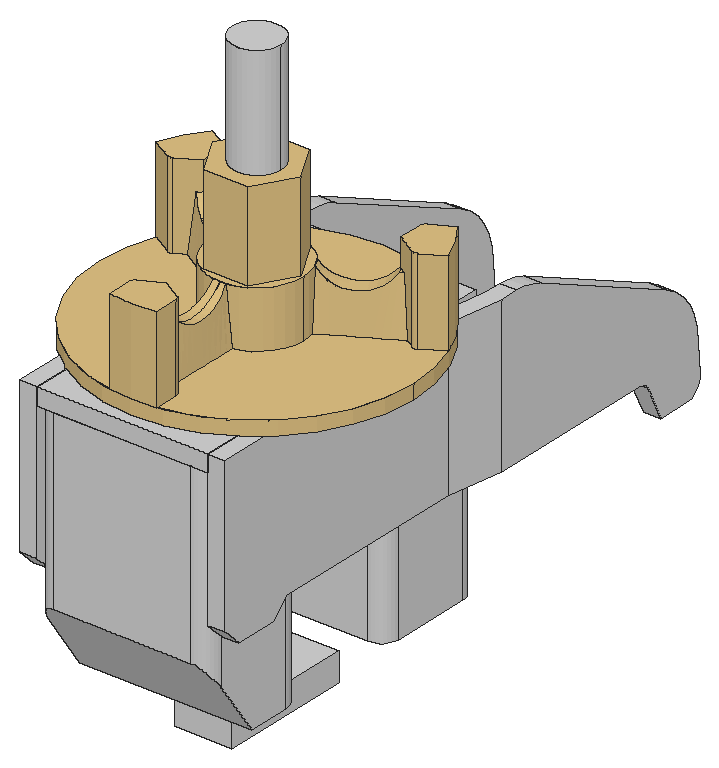
Revit family "MF_UNIVERSAL CORNER CLAMP_1904230", category Modelos genéricos, Revit 2018
Family settings
  Puede alojar armadura = No
  Cota de conector redondo = Diámetro de uso
  Tipo de pieza = Normal
  Número OmniClass = 35.51.14.00
  Título OmniClass = FORMWORK
  Se basa en plano de trabajo = Sí
  Siempre vertical = No
  Corte con vacíos al cargar = No
  Compartido = Sí
  Punto de cálculo de habitación = No
Parameters
  VERSION = "20170217"  # constant formula
  URL = "www.ulmaconstruction.com/en"
  UNICLASS = ""
  Fabricante = "ULMA CONSTRUCTION"  # constant formula
  ITEM_CODE = "1904230"
  FILTER [instance] = ""
  Default Elevation = 0.000 mm
  CLASSIFICATION_TITLE = ""
  CLASSIFICATION_NUMBER = ""
Reference planes
  plane 1 "Centro (Frontal/Posterior)": y = 0
  plane 2: z = 0
  plane 3 "Centro (Izquierda/Derecha)": x = 0
  plane 4: y = -120.55
  plane 5: z = -45
Forms (mm)
  Extrusion 1, solid, material "ULMA ZINC"
    sketch origin (0, 0, 0) x (-1, 0, 0) y (0, -1, 0)
      loop
        line (-38.953, 3.05) -> (-38.953, -86.11) -> (-32.953, -86.11) -> (-32.953, 2.603) -> (-29.953, 22.603) -> (-29.953, 120.55) -> (-35.953, 120.55) -> (-35.953, 23.05) -> (-38.953, 3.05)
    from -10.037 to 60
  Extrusion 2, void
    sketch origin (0, 0, 0) x (0, 1, 0) y (0, 0, 1)
      loop
        line (14.214, 57.564) -> (68.714, 31.564)
        arc (68.714, 31.564) -> (79.094, 22.34) -> (82.95, 9) r 25
        line (82.95, 9) -> (83.576, -1.648)
        arc (83.576, -1.648) -> (81.952, -6.116) -> (77.587, -8) r 6
        line (77.587, -8) -> (66.45, -8) -> (60.664, 4.279)
        arc (60.664, 4.279) -> (59.557, 5.533) -> (57.95, 6) r 3
        line (57.95, 6) -> (-93.55, 6) -> (-99.55, 0) -> (-114.55, 0) -> (-120.55, 6) -> (-125.55, 6) -> (-125.55, -14) -> (89.45, -14) -> (89.45, 65) -> (3.45, 65) -> (3.45, 60)
        arc (3.45, 60) -> (8.968, 59.383) -> (14.214, 57.564) r 25
    from 16.813 to 49.266
  Extrusion 3, solid, material "ULMA ZINC"
    sketch origin (0, 0, 0) x (1, 0, 0) y (0, 1, 0)
      loop
        line (-38.953, -3.05) -> (-35.953, -23.05) -> (-35.953, -120.55) -> (-29.953, -120.55) -> (-29.953, -22.603) -> (-32.953, -2.603) -> (-32.953, 86.11) -> (-38.953, 86.11) -> (-38.953, -3.05)
    from -10.037 to 60
  Extrusion 4, void
    sketch origin (0, 0, 0) x (0, 1, 0) y (0, 0, -1)
      loop
        arc (14.214, -57.564) -> (8.968, -59.383) -> (3.45, -60) r 25
        line (3.45, -60) -> (3.45, -65) -> (89.45, -65) -> (89.45, 14) -> (-125.55, 14) -> (-125.55, -6) -> (-120.55, -6) -> (-114.55, 0) -> (-99.55, 0) -> (-93.55, -6) -> (57.95, -6)
        arc (57.95, -6) -> (59.557, -5.533) -> (60.664, -4.279) r 3
        line (60.664, -4.279) -> (66.45, 8) -> (77.587, 8)
        arc (77.587, 8) -> (81.952, 6.116) -> (83.576, 1.648) r 6
        line (83.576, 1.648) -> (82.95, -9)
        arc (82.95, -9) -> (79.094, -22.34) -> (68.714, -31.564) r 25
        line (68.714, -31.564) -> (14.214, -57.564)
    from 16.813 to 49.266
  Extrusion 5, solid, material "ULMA ZINC", detail levels fine
    sketch origin (0, 0, 0) x (0, 1, 0) y (0, 0, 1)
      loop
        line (-120.55, 60) -> (-120.55, 54) -> (-3.05, 54) -> (-3.05, 60) -> (-120.55, 60)
    from -29.953 to 29.953
  Extrusion 6, solid, material "ULMA ZINC", detail levels fine
    sketch origin (0, 0, 0) x (1, 0, 0) y (0, 1, 0)
      loop
        arc (-25, -3.126) -> (-28.614, -5.159) -> (-30.047, -9.05) r 6
        line (-30.047, -9.05) -> (-30.047, -37.05)
        arc (-30.047, -37.05) -> (-28.29, -41.293) -> (-24.047, -43.05) r 6
        line (-24.047, -43.05) -> (23.953, -43.05)
        arc (23.953, -43.05) -> (28.195, -41.293) -> (29.953, -37.05) r 6
        line (29.953, -37.05) -> (29.953, -9.05)
        arc (29.953, -9.05) -> (28.52, -5.159) -> (24.905, -3.126) r 6
        line (24.905, -3.126) -> (-25, -3.126)
    from -35 to 54
  Extrusion 7, solid, material "ULMA ZINC", detail levels fine
    sketch origin (0, 0, 0) x (1, 0, 0) y (0, 1, 0)
      loop
        arc (-24.047, -80.55) -> (-28.29, -82.307) -> (-30.047, -86.55) r 6
        line (-30.047, -86.55) -> (-30.047, -114.55)
        arc (-30.047, -114.55) -> (-28.29, -118.793) -> (-24.047, -120.55) r 6
        line (-24.047, -120.55) -> (23.953, -120.55)
        arc (23.953, -120.55) -> (28.195, -118.793) -> (29.953, -114.55) r 6
        line (29.953, -114.55) -> (29.953, -86.55)
        arc (29.953, -86.55) -> (28.195, -82.307) -> (23.953, -80.55) r 6
        line (23.953, -80.55) -> (-24.047, -80.55)
    from -35 to 54
  Extrusion 8, solid, material "ULMA ZINC", detail levels fine
    sketch origin (0, 0, 0) x (1, 0, 0) y (0, 1, 0)
      loop
        line (-29.953, -43.3) -> (-29.953, -80.3) -> (29.953, -80.3) -> (29.953, -43.3) -> (-29.953, -43.3)
    from 6 to 12
  Extrusion 9, void
    sketch origin (0, 0, 0) x (0, 1, 0) y (0, 0, 1)
      loop
        line (-120.55, -8) -> (-125.55, -8) -> (-125.55, -40) -> (-101.55, -40) -> (-101.55, -35) -> (-120.55, -8)
    from -32.953 to 32.953
  Extrusion 10, solid, material "ULMA ZINC", detail levels medium+fine
    sketch origin (0, 0, 0) x (1, 0, 0) y (0, 1, 0)
      loop
        circle (0.047, -61.8) r 8.5
    from -45 to 155
  Extrusion 11, solid, material "ULMA ZINC", detail levels fine
    sketch origin (0, 0, 0) x (1, 0, 0) y (0, 0, 1)
      loop
        line (-9.953, -45) -> (-9.953, -55) -> (10.047, -55) -> (10.047, -45) -> (-9.953, -45)
    from 38.3 to 85.3
Cuts and joins
  Extrusion 2, Extrusion 4 cuts Extrusion 1
  Extrusion 4 cuts Extrusion 3
  Extrusion 9 cuts Extrusion 7
Dimensions and locks
  aligned and locked: level to plane 2
Nested families
  nested 1: "TUERCA PLACA FIJA 15 - 7238000_CONNECTORS" at (0.047, -61.8, 60), type "TUERCA PLACA FIJA 15 - 7238000_CONNECTORS"
    with FILTER ""
Definition of nested family "TUERCA PLACA FIJA 15 - 7238000_CONNECTORS"
  Parameters (values of type "TUERCA PLACA FIJA 15 - 7238000_CONNECTORS")
    VERSION = "20170217"  # constant formula
    URL = "www.ulmaconstruction.com/en"
    UNICLASS = ""
    Model = ""
    Manufacturer = "ULMA CONSTRUCTION"  # constant formula
    FILTER [instance] = ""
    Default Elevation = 0.000 mm
    CLASSIFICATION_TITLE = ""
    CLASSIFICATION_NUMBER = ""
  Reference planes
    plane 1 "Centro (Frontal/Posterior)": y = 0
    plane 2: z = 0
    plane 3 "Centro (Izquierda/Derecha)": x = 0
  Forms (mm)
    Extrusion 1, solid
      sketch origin (0, 42.5, 39) x (-1, 0, 0) y (0, -1, 0)
        loop
          circle (0, 42.5) r 55
      from -39 to -34
    Extrusion 2, solid, detail levels fine
      sketch origin (0, 0, 0) x (1, 0, 0) y (0, 1, 0)
        loop
          circle (0, 0) r 16.4
      from 5 to 25
    Extrusion 3, solid, detail levels fine
      sketch origin (0, 0, 0) x (1, 0, 0) y (0, 1, 0)
        loop
          line (7.794, 13.5) -> (-7.794, 13.5) -> (-15.588, 0) -> (-7.794, -13.5) -> (7.794, -13.5) -> (15.588, 0) -> (7.794, 13.5)
      from 25 to 56
    Extrusion 4, solid, detail levels fine
      sketch origin (0, 0, 0) x (1, 0, 0) y (0, 1, 0)
        loop
          line (-51.249, 19.962) -> (-43.895, 15.716)
          arc (-43.895, 15.716) -> (-42.889, 15.447) -> (-41.884, 15.718) r 2.008
          line (-41.884, 15.718) -> (-34.641, 19.9) -> (-34.641, 28.263)
          arc (-34.641, 28.263) -> (-34.91, 29.269) -> (-35.645, 30.006) r 2.015
          line (-35.645, 30.006) -> (-43.022, 34.265)
          arc (-43.022, 34.265) -> (-47.675, 27.424) -> (-51.249, 19.962) r 55
        loop
          arc (51.186, 20.125) -> (47.587, 27.576) -> (42.913, 34.402) r 55
          line (42.913, 34.402) -> (35.558, 30.156)
          arc (35.558, 30.156) -> (34.822, 29.419) -> (34.554, 28.413) r 2.008
          line (34.554, 28.413) -> (34.554, 20.05) -> (41.797, 15.868)
          arc (41.797, 15.868) -> (42.802, 15.598) -> (43.808, 15.866) r 2.015
          line (43.808, 15.866) -> (51.186, 20.125)
        loop
          line (8.337, -54.364) -> (8.337, -45.872)
          arc (8.337, -45.872) -> (8.067, -44.867) -> (7.329, -44.132) r 2.008
          line (7.329, -44.132) -> (0.087, -39.95) -> (-7.156, -44.132)
          arc (-7.156, -44.132) -> (-7.893, -44.867) -> (-8.164, -45.872) r 2.015
          line (-8.164, -45.872) -> (-8.164, -54.391)
          arc (-8.164, -54.391) -> (0.088, -55) -> (8.337, -54.364) r 55
      from 5 to 35
    Blend 5, solid, detail levels fine
      base sketch origin (0, 0, 0) x (1, 0, 0) y (0, 1, 0)
        loop
          arc (-15.798, 4.402) -> (-14.247, 8.123) -> (-11.836, 11.352) r 16.4
          line (-11.836, 11.352) -> (-34.641, 24.519) -> (-34.641, 19.9) -> (-38.641, 17.591) -> (-15.798, 4.402)
      top sketch origin (0, 0, 0) x (1, 0, 0) y (0, 1, 0)
        loop
          spline (-36.457, 18.852) -> (-35.471, 18.034) -> (-34.159, 17.057) -> (-32.563, 15.952) -> (-30.731, 14.753) -> (-28.722, 13.498) -> (-26.598, 12.226) -> (-24.424, 10.976) -> (-22.269, 9.788) -> (-20.2, 8.697) -> (-18.281, 7.74) -> (-16.572, 6.944) -> (-15.127, 6.336)
          arc (-15.127, 6.336) -> (-14.246, 8.125) -> (-13.154, 9.794) r 16.4
          spline (-13.154, 9.794) -> (-14.405, 10.742) -> (-15.948, 11.824) -> (-17.736, 13.006) -> (-19.714, 14.252) -> (-21.82, 15.523) -> (-23.987, 16.779) -> (-26.149, 17.981) -> (-28.238, 19.093) -> (-30.19, 20.078) -> (-31.942, 20.906) -> (-33.442, 21.553) -> (-34.641, 21.996)
          line (-34.641, 21.996) -> (-34.641, 19.9) -> (-36.457, 18.852)
      from 5 to 24.998
    Blend 6, solid, detail levels fine
      base sketch origin (0, 0, 0) x (-0.5, -0.866025, 0) y (0.866025, -0.5, 0)
        loop
          arc (-15.798, 4.402) -> (-14.247, 8.123) -> (-11.836, 11.352) r 16.4
          line (-11.836, 11.352) -> (-34.641, 24.519) -> (-34.641, 19.9) -> (-38.641, 17.591) -> (-15.798, 4.402)
      top sketch origin (0, 0, 0) x (-0.5, -0.866025, 0) y (0.866025, -0.5, 0)
        loop
          spline (-36.457, 18.852) -> (-35.471, 18.034) -> (-34.159, 17.057) -> (-32.563, 15.952) -> (-30.731, 14.753) -> (-28.722, 13.498) -> (-26.598, 12.226) -> (-24.424, 10.976) -> (-22.269, 9.788) -> (-20.2, 8.697) -> (-18.281, 7.74) -> (-16.572, 6.944) -> (-15.127, 6.336)
          arc (-15.127, 6.336) -> (-14.246, 8.125) -> (-13.154, 9.794) r 16.4
          spline (-13.154, 9.794) -> (-14.405, 10.742) -> (-15.948, 11.824) -> (-17.736, 13.006) -> (-19.714, 14.252) -> (-21.82, 15.523) -> (-23.987, 16.779) -> (-26.149, 17.981) -> (-28.238, 19.093) -> (-30.19, 20.078) -> (-31.942, 20.906) -> (-33.442, 21.553) -> (-34.641, 21.996)
          line (-34.641, 21.996) -> (-34.641, 19.9) -> (-36.457, 18.852)
      from 5 to 24.998
    Blend 7, solid, detail levels fine
      base sketch origin (0, 0, 0) x (-0.498104, 0.867117, 0) y (-0.867117, -0.498104, 0)
        loop
          arc (-15.798, 4.402) -> (-14.247, 8.123) -> (-11.836, 11.352) r 16.4
          line (-11.836, 11.352) -> (-34.641, 24.519) -> (-34.641, 19.9) -> (-38.641, 17.591) -> (-15.798, 4.402)
      top sketch origin (0, 0, 0) x (-0.498104, 0.867117, 0) y (-0.867117, -0.498104, 0)
        loop
          spline (-36.457, 18.852) -> (-35.471, 18.034) -> (-34.159, 17.057) -> (-32.563, 15.952) -> (-30.731, 14.753) -> (-28.722, 13.498) -> (-26.598, 12.226) -> (-24.424, 10.976) -> (-22.269, 9.788) -> (-20.2, 8.697) -> (-18.281, 7.74) -> (-16.572, 6.944) -> (-15.127, 6.336)
          arc (-15.127, 6.336) -> (-14.246, 8.125) -> (-13.154, 9.794) r 16.4
          spline (-13.154, 9.794) -> (-14.405, 10.742) -> (-15.948, 11.824) -> (-17.736, 13.006) -> (-19.714, 14.252) -> (-21.82, 15.523) -> (-23.987, 16.779) -> (-26.149, 17.981) -> (-28.238, 19.093) -> (-30.19, 20.078) -> (-31.942, 20.906) -> (-33.442, 21.553) -> (-34.641, 21.996)
          line (-34.641, 21.996) -> (-34.641, 19.9) -> (-36.457, 18.852)
      from 5 to 24.998
    Revolve 8, void
      sketch origin (0, 0, 0) x (0, 1, 0) y (0, 0, 1)
        loop
          arc (-39.95, 25) -> (-28.175, 18.72) -> (-16.4, 24.999) r 14.18
          line (-16.4, 24.999) -> (-16.4, 26.999) -> (-39.95, 26.999) -> (-39.95, 25)
        axis (0, 24.999) -> (0, 26.999)
      angle from 0 to 360
  Cuts and joins
    Revolve 8 cuts Extrusion 3
    Revolve 8 cuts Blend 5
    Revolve 8 cuts Blend 6
    Revolve 8 cuts Blend 7
  Lines and regions (mm)
    model lines, detail levels fine
      curve 1: circle (0, 0, 0) r 7.5 normal (0, 0, 1)
      curve 2: circle (0, 0, 56) r 7.5 normal (0, 0, 1)
  Dimensions and locks
    aligned and locked: level to plane 2
